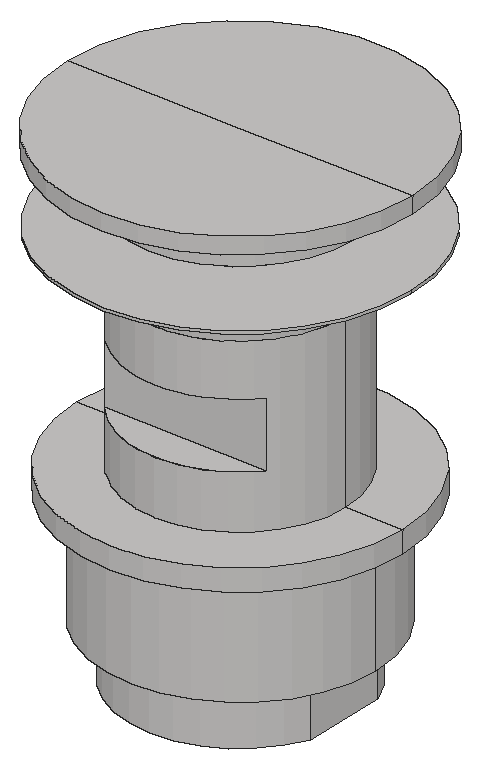
Revit family "A62", category Generic Models, Revit 2021
Family settings
  Can host rebar = No
  Round Connector Dimension = Use Diameter
  Part Type = Normal
  Work Plane-Based = No
  Always vertical = Yes
  Cut with Voids When Loaded = No
  Shared = No
  Room Calculation Point = No
Parameters (values of type "Standard")
  e-mail = "info@vola.com"
  URL = "http://vola.com"
  Telephone = "+45 7023 5500"
  Quality management standard = "ISO 9001"
  Organisation no. / DUNS no. = "17531328"
  Occupational health and safety management standard = "ISO 18001"
  Mounting Instructions = "http://vola.com/service/producturl.ashx?name=A62"
  Model = "A62"
  Materials and components information = "http://vola.com/service/producturl.ashx?name=A62"
  Manufacturer = "VOLA A/S"
  Maintenance Instructions = "http://vola.com/service/producturl.ashx?name=A62"
  Guarantee = "2 years"
  Environmental management standard = "ISO 14000"
  Default Elevation = 0.0000 mm
  Connection - All relevant connections = ""
  Approvals = "http://vola.com/service/producturl.ashx?name=A62"
Reference planes
  plane 1 "Center (Front/Back)": y = 0
  plane 2: z = 0
  plane 3 "Center (Left/Right)": x = 0
Forms (mm)
  Extrusion 1, void
    sketch origin (-6.725, 0, -51.5) x (-1, 0, 0) y (0, 0, -1)
      loop
        line (20, -61.5) -> (20, -51.5) -> (12.5, -51.5) -> (12.5, -61.5) -> (20, -61.5)
    from -20.403 to 20.581
  Extrusion 2, void
    sketch origin (6.725, 0, -51.5) x (1, 0, 0) y (0, 0, 1)
      loop
        line (20, 61.5) -> (12.5, 61.5) -> (12.5, 51.5) -> (20, 51.5) -> (20, 61.5)
    from -20.403 to 20.581
  Revolve 3, solid, material "Stainless Steel"
    sketch origin (949.034, 0, -870.417) x (1, 0, 0) y (0, 0, 1)
      loop
        line (-949.034, 870.417) -> (-949.034, 961.014) -> (-980.784, 961.014) -> (-980.784, 958.014) -> (-963.034, 958.014) -> (-963.034, 956.514) -> (-969.959, 956.514) -> (-969.959, 950.014) -> (-961.534, 950.014) -> (-961.534, 944.774) -> (-980.534, 944.774) -> (-971.824, 941.604)
        arc (-971.824, 941.604) -> (-969.438, 939.774) -> (-968.534, 936.906) r 5
        line (-968.534, 936.906) -> (-968.534, 905.417) -> (-979.034, 905.417) -> (-979.034, 901.417) -> (-974.034, 901.417) -> (-974.034, 880.417) -> (-969.734, 880.417) -> (-969.734, 870.417) -> (-949.034, 870.417)
      axis (-949.034, 870.417) -> (-949.034, 961.014)
    angle from 0 to 360
  Extrusion 4, solid, material "Stainless Steel"
    sketch origin (0, 0, 74.358) x (0, 1, 0) y (-1, 0, 0)
      loop
        circle (0, 0) r 31.5
    from 0 to 0.5
  Extrusion 5, void
    sketch origin (0, 0, 0) x (0, 1, 0) y (0, 0, 1)
      loop
        line (20.007, 44.9) -> (20.007, 56.9) -> (12.5, 56.9) -> (12.5, 44.9) -> (20.007, 44.9)
      loop
        line (-19.945, 44.9) -> (-12.5, 44.9) -> (-12.5, 56.9) -> (-19.945, 56.9) -> (-19.945, 44.9)
    from -15.837 to 15.841
Cuts and joins
  Extrusion 1, Extrusion 2, Extrusion 5 cuts Revolve 3
  Extrusion 5 cuts Extrusion 4
  joined: Revolve 3, Extrusion 4
Dimensions and locks
  aligned and locked: plane 2 to level
